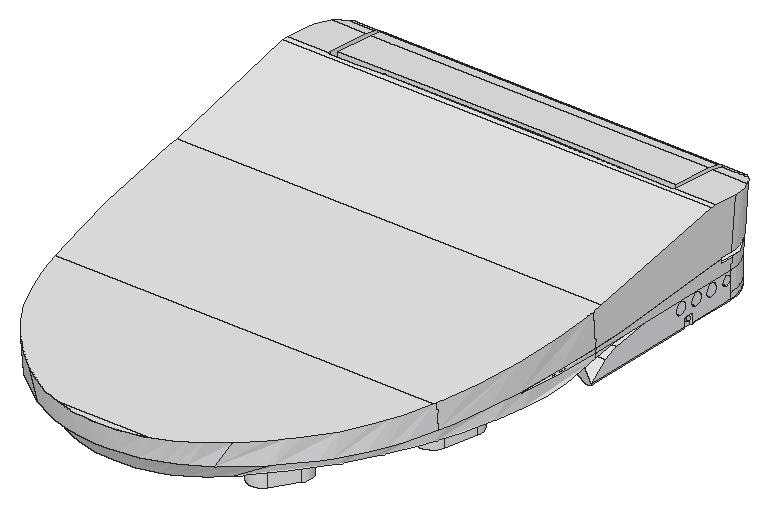
Revit family "Toilet_Seat-Elongated_Closed_Front-Cleansing-KOHLER-C3_1150-K-28362K", category Plumbing Fixtures, host Face, Revit 2021
Family settings
  Host = Face
  Round Connector Dimension = Use Diameter
  Part Type = Normal
  OmniClass Number = 23.31.19.19.17
  OmniClass Title = Water Closet Seats
  Cut with Voids When Loaded = No
  Shared = No
  Room Calculation Point = No
Parameters (values of type "0-White")
  Width = 15 1/16"  # constant formula
  WaterSense Certified = 1 = 0  # no
  Waste Water Outlet = "Waste Water Outlet"  # constant formula
  Waste Connection = 1 = 0  # no
  Voltage = 220 V  # constant formula
  Vent Connection = 1 = 0  # no
  URL = "https://www.kohlerasiapacific.com/"
  Type = 1
  Seat Included = 1 = 1  # yes
  Rough-In = 0"
  Product Page URL = ""
  Product Name = "C3-1150"  # constant formula
  Product Documentation Link = ""
  Pressure = 0.00 psi
  Model = "K-28362K-0"  # constant formula
  Material = "Plastic"  # constant formula
  Master Format 2014 Name = "Residential Water Closets"  # constant formula
  Master Format 2014 = "22 41 13.13"  # constant formula
  Manufacturer Address = "No. 158 Jiang Chang San Road, Zhabei District, Shanghai, China\r\n"  # constant formula
  Manufacturer = "Kohler Co."  # constant formula
  Length = 20 111/256"  # constant formula
  Hot Water Inlet = "Hot Water Inlet"  # constant formula
  Height = 3.56693"  # constant formula
  HW Connection = 1 = 0  # no
  Flush Rate- LPF = "LPF"  # constant formula
  Flush Rate- GPF = "GPF"  # constant formula
  Flow Rate = 0 GPM
  Finish = Kohler-Plastic-0-White
  Environmental Product Declaration = ""
  Electrical Note = "One Dedicated Circuit Required"  # constant formula
  Electrical Connector = 1 = 1  # yes
  Description = "C3-680 Cleansing Seat"  # constant formula
  Default Elevation = 15"
  Declare Label = ""
  Date Modified = "11/27/2022"  # constant formula
  Date Created = "11/27/2022"  # constant formula
  Copyright = "Copyright Kohler Co."  # constant formula
  Contact Us = "https://www.kohlerasiapacific.com/contact-us"
  Cold Water Inlet = "Cold Water Inlet"  # constant formula
  CW Connection = 1 = 1  # yes
  Assembly Code = "D2010100"
  Apparent Load = 780 VA  # constant formula
  ADA Compliant = 1 = 0  # no
Reference planes (in)
  plane 1 "Center (Front/Back)": y = 0
  plane 2: z = 0
  plane 3 "Center (Left/Right)": x = 0
  plane 4: z = 0
  plane 5: z = 3.56693
  plane 6: x = -7.5315
  plane 7: x = 7.5315
  plane 8: y = -3.56693
  plane 9: x = -3.94094
  plane 10: x = 3.94094
  plane 11: y = -6.46885
  plane 12: y = -17.89011
  plane 13: y = -0.80315
  plane 14: z = 0
  plane 15: z = 3.56693
  plane 16: z = 1.81102
  plane 17: z = 1.43701
  plane 18: z = 2.77843
  plane 19: z = 0.87826
  plane 20: z = 0.41589
  plane 21: z = -0.91732
  plane 22: y = -20.43359
  plane 23: z = 0.41589
  plane 24: z = 0.87
  plane 25: x = 7.531
  plane 26: y = -2.45809
  plane 27: y = -3.41243
  plane 28: x = 7.31333
  plane 29: x = -7.31333
  plane 30: z = 1.05051
  plane 31: z = 0.4528
  plane 32: z = 0.4528
  plane 33: z = 0.4528
Forms (in)
  Extrusion 1, void
    sketch origin (0, 0, 0) x (0, 1, 0) y (0, 0, 1)
      loop
        line (-4.64786, -1.0251) -> (-3.53436, 0.0884) -> (-5.5782, 0.0884) -> (-4.64786, -1.0251)
    from -1.06073 to 1.10921
  Extrusion 2, void
    sketch origin (0.26563, 0, 0) x (1, 0, 0) y (0, 1, 0)
      loop
        circle (-1.51517, -5.13822) r 0.17977
    from -0.08081 to 0.12172
Dimensions and locks (in)
  host face to plane 4 = 0"
  "Height": level to plane 5
  plane 9 to plane 10 = 7.88189"
  plane 11 to plane 12 = 11.42126"
  level to plane 16 = 1.81102"
  level to plane 17 = 1.43701"
  "Length": plane 22 to plane 1 "Center (Front/Back)"
  "Width": plane 6 to plane 25
  aligned and locked: plane 2 to host face
  aligned and locked: level to host face
  aligned and locked: plane 3 "Center (Left/Right)" to nested 1
  aligned and locked: plane 1 "Center (Front/Back)" to nested 1
  aligned and locked: nested 1 to plane 14
  aligned and locked: plane 14 to level
Automatic sketch dimensions
  host sketch curve to host sketch curve = 96"  (x2)
  Extrusion 2 sketch curve to plane 3 "Center (Left/Right)" = 1.24954"
  plane 11 to Extrusion 2 sketch curve = 1.33063"
  plane 8 to Extrusion 1 sketch curve = 0.03257"
  level to Extrusion 1 sketch curve = 0.0884"
  plane 21 to Extrusion 1 sketch curve = 0.10778"
  Extrusion 1 sketch curve to plane 8 = 1.08093"
  plane 11 to Extrusion 1 sketch curve = 0.89065"
  radius of Extrusion 2 sketch curve = 0.17977"
Nested families (in)
  nested 1: "K-28362K" at (0, 0, -0.91732), type "K-28362K"
Connectors (in)
  piping at (-7.31333, -2.45809, 1.05051), diameter 0.5, driven by "CW Connection", driven by "Cold Water Inlet"
    settings: on nested 1, index 2, connector inside diameter 24", connector length 0", flow factor 0, pipe flow 0 GPM, pressure drop 0.00 psi, fitting loss kfactor 0, connector angle 0.00°, fixture units 0, engagement length 0", angle of deflection 0.00°, flow configuration 0, flow direction 1, fitting loss method 0, system type 20, joint type 0, gender type 0, connector reference index -1, connector utility 1, adjustable connector no, is connector primary yes, connector description "Cold Water Inlet"
  electrical at (7.31333, -3.41243, 0.4528), driven by "Electrical Connector", driven by "Electrical Note", driven by "Voltage", driven by "Apparent Load", driven by "Apparent Load"
    settings: on nested 1, index 3, voltage 220 V, apparent load 780 VA, apparent load phase1 780 VA, apparent load phase2 0 VA, apparent load phase3 0 VA, power factor 1, load classification "Power", number of poles 1, system type 30, power factor state 1, is connector primary yes, connector utility yes, sub classification motor no, connector description "One Dedicated Circuit Required"
Definition of nested family "K-28362K"
  Parameters (values of type "K-28362K")
    Material = none
    HC = no
    Default Elevation = 0"
  Reference planes (in)
    plane 1 "Center (Front/Back)": y = 0
    plane 2: z = 0
    plane 3 "Center (Left/Right)": x = 0
    plane 4 "A": through (0, -4.15406, 2.4332) normal (0, -0.2824, 0.9593)
    plane 5 "1": through (0, -4.44479, 3.48686) normal (0, -0.2272, 0.9739)
    plane 6: z = 1.12782
    plane 7: z = 3.95289
    plane 8: z = 0
    plane 9: x = -7.5315
    plane 10: x = 7.5315
    plane 11: y = -20.43307
    plane 12: y = -0.80315
    plane 13 "4": through (0, -4.94768, 0.41919) normal (0, -0.7071, -0.7071)
    plane 14 "2": through (0, -4.38689, 0.22976) normal (0, -0.7071, 0.7071)
    plane 15: y = -6.46885
    plane 16: y = -17.89011
    plane 17: x = 3.94094
    plane 18: x = -3.94094
    plane 19: z = 4.48425
    plane 20: z = 0.91732
    plane 21: y = -37.30315
    plane 22: z = 2.72835
    plane 23: z = 2.35433
    plane 24: y = -2.53191
    plane 25: x = 7.50124
    plane 26: x = -7.50327
    plane 27: z = 3.69575
    plane 28: y = 0
    plane 29: y = -3.41243
    plane 30: z = 1.33321
    plane 31: z = 0
    plane 32: z = 1.78733
    plane 33: x = 7.31333
    plane 34: x = -7.31333
    plane 35: y = -2.45809
    plane 36: z = 1.37012
    plane 37: z = 1.96783
  Forms (in)
    Extrusion 1, void
      sketch origin (0, 0, 0) x (1, 0, 0) y (0, 1, 0)
        loop
          line (5.91841, 0.5055) -> (5.91841, -2.22794)
          arc (5.91841, -2.22794) -> (0, -2.17361) -> (-5.91841, -2.2281) r 321.9074
          line (-5.91841, -2.2281) -> (-5.91841, 0.60393) -> (-6.08082, 0.60393) -> (-6.08082, -2.36326)
          arc (-6.08082, -2.36326) -> (-6.03838, -2.46298) -> (-5.93709, -2.50153) r 0.13837
          arc (-5.93709, -2.50153) -> (0.0003, -2.38675) -> (5.93768, -2.50202) r 153.30301
          arc (5.93768, -2.50202) -> (6.03855, -2.46363) -> (6.08082, -2.36433) r 0.1378
          line (6.08082, -2.36433) -> (6.08082, 0.5055) -> (5.91841, 0.5055)
      from 2.68112 to 7.6623
    Extrusion 2, solid, material <- "Material", detail levels medium+fine
      sketch origin (0, 0, 0) x (0, 1, 0) y (0, 0, 1)
        loop
          line (-5.47875, 1.05493) -> (-4.56243, 0.02686) -> (-3.53436, 1.05493) -> (-5.47875, 1.05493)
      from -1.02586 to 1.06291
    Sweep 3, solid, material <- "Material", detail levels medium+fine
      path origin (0, 0, 0) x (1, 0, 0) y (0, 1, 0)
        loop
          line (7.31333, -8.16841) -> (7.31333, -1.5748)
          arc (7.31333, -1.5748) -> (6.85208, -0.46125) -> (5.73853, 0) r 1.5748
          line (5.73853, 0) -> (-5.81333, 0)
          arc (-5.81333, 0) -> (-6.87399, -0.43934) -> (-7.31333, -1.5) r 1.5
          line (-7.31333, -1.5) -> (-7.31333, -7.99606)
      profile origin (-7.31333, -4.74803, 0) x (1, 0, 0) y (0, 0, 1)
        loop
          line (0, 1.38413) -> (0, 1.15841)
          arc (0, 1.15841) -> (0.00565, 1.13731) -> (0.0211, 1.12186) r 0.0422
          line (0.0211, 1.12186) -> (0.33319, 0.94168)
          arc (0.33319, 0.94168) -> (0.37703, 0.92352) -> (0.42408, 0.91732) r 0.18179
          line (0.42408, 0.91732) -> (0.68301, 0.91732) -> (0.68301, 1.38413) -> (0, 1.38413)
    Extrusion 4, solid, material <- "Material", detail levels medium+fine
      sketch origin (0, 0, 0) x (1, 0, 0) y (0, 1, 0)
        loop
          arc (-5.95669, -0.68301) -> (-6.58728, -0.94421) -> (-6.84848, -1.5748) r 0.89179
          line (-6.84848, -1.5748) -> (-6.84848, -7.99606) -> (6.84848, -7.99606) -> (6.84848, -1.5748)
          arc (6.84848, -1.5748) -> (6.58728, -0.94421) -> (5.95669, -0.68301) r 0.89179
          line (5.95669, -0.68301) -> (-5.95669, -0.68301)
      from 0.91732 to 1.38413
    Extrusion 5, void
      sketch origin (0, 0, -0.05469) x (1, 0, 0) y (0, 0, 1)
        loop
          arc (-6.49631, 2.77136) -> (-6.26963, 2.7976) -> (-6.04144, 2.79893) r 2.08579
          line (-6.04144, 2.79893) -> (-6.04144, 3.13675)
          arc (-6.04144, 3.13675) -> (-6.21672, 3.13193) -> (-6.39033, 3.1073) r 1.5473
          arc (-6.39033, 3.1073) -> (-6.69483, 3.02189) -> (-6.98292, 2.89143) r 2.086
          arc (-6.98292, 2.89143) -> (-7.15579, 2.80875) -> (-7.3367, 2.74553) r 1.74393
          arc (-7.3367, 2.74553) -> (-7.44785, 2.71734) -> (-7.56062, 2.69652) r 1.74393
          arc (-7.56062, 2.69652) -> (-7.7236, 2.64352) -> (-7.89164, 2.60989) r 1.46679
          arc (-7.89164, 2.60989) -> (-7.81686, 2.5539) -> (-7.72802, 2.52499) r 0.28594
          arc (-7.72802, 2.52499) -> (-7.50668, 2.51864) -> (-7.29034, 2.56584) r 0.91167
          arc (-7.29034, 2.56584) -> (-6.8976, 2.68514) -> (-6.49631, 2.77136) r 4.93078
        loop
          arc (6.49631, 2.77136) -> (6.8976, 2.68514) -> (7.29034, 2.56584) r 4.93078
          arc (7.29034, 2.56584) -> (7.50668, 2.51864) -> (7.72802, 2.52499) r 0.91167
          arc (7.72802, 2.52499) -> (7.81686, 2.5539) -> (7.89164, 2.60989) r 0.28594
          arc (7.89164, 2.60989) -> (7.7236, 2.64352) -> (7.56062, 2.69652) r 1.46679
          arc (7.56062, 2.69652) -> (7.44785, 2.71734) -> (7.3367, 2.74553) r 1.74393
          arc (7.3367, 2.74553) -> (7.15579, 2.80875) -> (6.98292, 2.89143) r 1.74393
          arc (6.98292, 2.89143) -> (6.69483, 3.02189) -> (6.39033, 3.1073) r 2.086
          arc (6.39033, 3.1073) -> (6.21672, 3.13193) -> (6.04144, 3.13675) r 1.5473
          line (6.04144, 3.13675) -> (6.04144, 2.79893)
          arc (6.04144, 2.79893) -> (6.26963, 2.7976) -> (6.49631, 2.77136) r 2.08579
      from -0.13429 to 2.04421
    Extrusion 6, solid, material <- "Material"
      sketch origin (0.08093, 0, 0) x (1, 0, 0) y (0, 1, 0)
        loop
          arc (6.28907, -11.44968) -> (5.90327, -10.79419) -> (5.22825, -11.14469) r 0.55268
          line (5.22825, -11.14469) -> (4.95538, -12.32661)
          arc (4.95538, -12.32661) -> (5.3684, -12.98759) -> (6.02937, -12.57456) r 0.55112
          line (6.02937, -12.57456) -> (6.28907, -11.44968)
        loop
          line (-6.48592, -11.44968) -> (-6.22622, -12.57456)
          arc (-6.22622, -12.57456) -> (-5.56525, -12.98759) -> (-5.15223, -12.32661) r 0.55112
          line (-5.15223, -12.32661) -> (-5.4251, -11.14469)
          arc (-5.4251, -11.14469) -> (-6.10012, -10.79419) -> (-6.48592, -11.44968) r 0.55268
      from 0.91732 to 1.49291
    Extrusion 7, void
      sketch origin (0, 0, 0) x (0, 1, 0) y (0, 0, 1)
        loop
          arc (-2.44346, 4.58365) -> (-1.61512, 4.52879) -> (-0.7883, 4.45443) r 35.22946
          arc (-0.7883, 4.45443) -> (-0.58901, 4.42749) -> (-0.39192, 4.38749) r 3.05569
          arc (-0.39192, 4.38749) -> (-0.1827, 4.2592) -> (-0.09013, 4.03191) r 0.3937
          line (-0.09013, 4.03191) -> (0.07757, 1.63366) -> (0.51402, 1.63366) -> (0.51402, 5.25794) -> (-21.08788, 5.25794) -> (-21.08788, 2.86459)
          arc (-21.08788, 2.86459) -> (-20.4862, 2.86495) -> (-19.88453, 2.86704) r 210.34624
          arc (-19.88453, 2.86704) -> (-16.80236, 2.90473) -> (-13.72108, 2.98757) r 210.34624
          arc (-13.72108, 2.98757) -> (-10.53082, 3.18691) -> (-7.35688, 3.56574) r 56.6922
          arc (-7.35688, 3.56574) -> (-4.98208, 3.99197) -> (-2.63781, 4.56267) r 39.42662
          arc (-2.63781, 4.56267) -> (-2.54148, 4.58104) -> (-2.44346, 4.58365) r 0.60644
      from -9.62549 to 9.84252
    Extrusion 8, void
      sketch origin (0, 0, 0) x (1, 0, 0) y (0, 0, 1)
        loop
          line (3.62375, 2.99049) -> (3.62375, 1.61254) -> (5.63601, 1.61254) -> (5.63601, 2.99049) -> (3.62375, 2.99049)
        loop
          arc (3.64344, 3.06923) -> (3.57384, 3.0404) -> (3.54501, 2.9708) r 0.09843
          line (3.54501, 2.9708) -> (3.54501, 1.63222)
          arc (3.54501, 1.63222) -> (3.57384, 1.56262) -> (3.64344, 1.5338) r 0.09843
          line (3.64344, 1.5338) -> (5.65324, 1.5338)
          arc (5.65324, 1.5338) -> (5.72284, 1.56262) -> (5.75166, 1.63222) r 0.09843
          line (5.75166, 1.63222) -> (5.75166, 2.9708)
          arc (5.75166, 2.9708) -> (5.72284, 3.0404) -> (5.65324, 3.06923) r 0.09843
          line (5.65324, 3.06923) -> (3.64344, 3.06923)
      from -0.39237 to 0.16455
    Revolve 9, solid, material <- "Material", detail levels medium+fine
      sketch origin (0, 0, 0) x (0, 1, 0) y (0, 0, 1)
        loop
          line (-4.68887, -0.0024) -> (-4.53157, 0.08124) -> (-4.96245, 0.51212) -> (-4.68887, -0.0024)
        axis (-4.96245, 0.51212) -> (-4.53157, 0.08124)
      angle from 0 to 360
    Extrusion 10, void
      sketch origin (0, -2.26425, -2.26425) x (0, -0.707107, 0.707107) y (-1, 0, 0)
        loop
          line (4.40423, 0.84314) -> (4.52101, 0.87443) -> (2.89015, 0.87443) -> (2.89015, -0.87669) -> (4.52101, -0.87669) -> (4.52101, -0.8454) -> (3.087, -0.8454) -> (3.087, 0.84314) -> (4.40423, 0.84314)
      from -0.09025 to 0.67689
    Extrusion 11, void
      sketch origin (0, -2.30833, 2.30833) x (0, 0.707107, 0.707107) y (-1, 0, 0)
        loop
          line (-3.1742, -1.21901) -> (-3.1742, 1.19132) -> (-3.43784, 1.19132) -> (-3.43784, -1.21901) -> (-3.1742, -1.21901)
      from -0.09514 to 0.23435
    Extrusion 12, solid, material <- "Material"
      sketch origin (0, 0, 0) x (1, 0, 0) y (0, 1, 0)
        loop
          line (-4.25501, -16.52036) -> (-3.70463, -17.33634)
          arc (-3.70463, -17.33634) -> (-3.02144, -17.46914) -> (-2.88865, -16.78596) r 0.49213
          line (-2.88865, -16.78596) -> (-3.43903, -15.96997)
          arc (-3.43903, -15.96997) -> (-4.12222, -15.83718) -> (-4.25501, -16.52036) r 0.49213
        loop
          arc (4.25964, -16.52036) -> (4.12684, -15.83718) -> (3.44366, -15.96997) r 0.49213
          line (3.44366, -15.96997) -> (2.89327, -16.78596)
          arc (2.89327, -16.78596) -> (3.02607, -17.46914) -> (3.70925, -17.33634) r 0.49213
          line (3.70925, -17.33634) -> (4.25964, -16.52036)
      from 0.91732 to 1.49291
    Extrusion 13, void
      sketch origin (0, -0.24606, 0) x (1, 0, 0) y (0, 1, 0)
        loop
          arc (-3.01457, -5.68304) -> (-5.74362, -6.60076) -> (-8.24284, -8.03037) r 14.77384
          line (-8.24284, -8.03037) -> (8.17796, -8.03037)
          arc (8.17796, -8.03037) -> (4.92674, -6.1476) -> (1.25856, -5.33535) r 12.28646
          arc (1.25856, -5.33535) -> (-0.89068, -5.35337) -> (-3.01457, -5.68304) r 14.77384
      from -1.71563 to 1.71758
    Extrusion 14, void
      sketch origin (0, 0, 0) x (0, 1, 0) y (0, 0, 1)
        loop
          line (-8.59995, 0.37029) -> (-7.01965, 1.65)
          arc (-7.01965, 1.65) -> (-6.79687, 1.78589) -> (-6.54621, 1.85846) r 0.98425
          arc (-6.54621, 1.85846) -> (-5.49558, 2.03486) -> (-4.45175, 2.24789) r 30.46563
          arc (-4.45175, 2.24789) -> (-5.5682, 2.14306) -> (-6.68491, 2.04112) r 433.66908
          arc (-6.68491, 2.04112) -> (-7.37733, 1.94727) -> (-8.05852, 1.79159) r 7.77016
          arc (-8.05852, 1.79159) -> (-8.74373, 1.64) -> (-9.44096, 1.56027) r 6.75965
          arc (-9.44096, 1.56027) -> (-10.3103, 1.51257) -> (-11.18022, 1.47726) r 61.15216
          arc (-11.18022, 1.47726) -> (-12.35109, 1.44412) -> (-13.52225, 1.42306) r 113.58514
          arc (-13.52225, 1.42306) -> (-14.6389, 1.41231) -> (-15.75559, 1.40873) r 174.11127
          line (-15.75559, 1.40873) -> (-19.66799, 1.40873)
          arc (-19.66799, 1.40873) -> (-20.43129, 1.42997) -> (-21.19222, 1.49363) r 13.72485
          line (-21.19222, 1.49363) -> (-21.19222, 0.1505) -> (-8.59995, 0.37029)
      from -8.53725 to 9.58816
    Extrusion 15, void
      sketch origin (0, 0, 0) x (0, 1, 0) y (0, 0, -1)
        loop
          line (-2.04421, -2.64648) -> (-2.01591, -2.61818)
          arc (-2.01591, -2.61818) -> (-4.18902, -2.35864) -> (-6.3741, -2.23539) r 35.00923
          arc (-6.3741, -2.23539) -> (-8.43404, -2.17117) -> (-10.49304, -2.08188) r 169.35089
          arc (-10.49304, -2.08188) -> (-11.97639, -2.03188) -> (-13.46057, -2.02857) r 47.17689
          arc (-13.46057, -2.02857) -> (-15.19471, -2.0536) -> (-16.9288, -2.08188) r 927.827
          line (-16.9288, -2.08188) -> (-12.99405, -2.08188)
          arc (-12.99405, -2.08188) -> (-11.7449, -2.10586) -> (-10.49607, -2.14301) r 118.48811
          arc (-10.49607, -2.14301) -> (-8.43563, -2.21006) -> (-6.37489, -2.26688) r 415.27458
          arc (-6.37489, -2.26688) -> (-4.20363, -2.38916) -> (-2.04421, -2.64648) r 34.88561
      from -9.69979 to -5.91841
    Extrusion 16, void
      sketch origin (0, 0, 0) x (1, 0, 0) y (0, 1, 0)
        loop
          arc (-3.13197, -7.40143) -> (-3.65095, -7.99233) -> (-3.97572, -8.70859) r 2.67568
          arc (-3.97572, -8.70859) -> (-4.18662, -9.98022) -> (-4.10502, -11.26663) r 5.67325
          arc (-4.10502, -11.26663) -> (-3.70389, -13.11659) -> (-3.16953, -14.93254) r 26.05869
          arc (-3.16953, -14.93254) -> (-2.51301, -16.26917) -> (-1.52589, -17.38415) r 5.5713
          arc (-1.52589, -17.38415) -> (0.01763, -17.95819) -> (1.56115, -17.38415) r 2.3622
          arc (1.56115, -17.38415) -> (2.54828, -16.26917) -> (3.20479, -14.93254) r 5.5713
          arc (3.20479, -14.93254) -> (3.73916, -13.11659) -> (4.14028, -11.26663) r 26.05869
          arc (4.14028, -11.26663) -> (4.22188, -9.98022) -> (4.01099, -8.70859) r 5.67325
          arc (4.01099, -8.70859) -> (3.68622, -7.99233) -> (3.16724, -7.40143) r 2.67568
          arc (3.16724, -7.40143) -> (0.01763, -6.24708) -> (-3.13197, -7.40143) r 4.87396
      from 0.45537 to 2.32037
    Extrusion 17, solid, material <- "Material", detail levels medium+fine
      sketch origin (0, 0, 0) x (1, 0, 0) y (0, 1, 0)
        loop
          line (6.99399, -6.34927) -> (6.99399, -3.33566) -> (-6.90799, -3.33566) -> (-6.90799, -6.34927)
          arc (-6.90799, -6.34927) -> (0.043, -5.24838) -> (6.99399, -6.34927) r 22.49465
      from 1.77908 to 2.08188
    Extrusion 18, void
      sketch origin (0, 0, 0) x (0, 1, 0) y (0, 0, 1)
        loop
          arc (-1.75643, 1.78851) -> (-2.44933, 2.4487) -> (-3.12425, 1.77014) r 0.68413
          line (-3.12425, 1.77014) -> (-3.12425, 1.27281) -> (-3.03539, 1.27281) -> (-3.03539, 1.0267) -> (-2.9505, 1.0267) -> (-2.9435, 1.22721)
          arc (-2.9435, 1.22721) -> (-2.9291, 1.25955) -> (-2.89629, 1.27281) r 0.04724
          line (-2.89629, 1.27281) -> (-1.93905, 1.27281)
          arc (-1.93905, 1.27281) -> (-1.90565, 1.25897) -> (-1.89181, 1.22556) r 0.04724
          line (-1.89181, 1.22556) -> (-1.89181, 1.0267) -> (-1.80976, 1.0267) -> (-1.81979, 1.31399) -> (-1.73986, 1.31399) -> (-1.75643, 1.78851)
      from -7.717 to -7.26433
    Extrusion 19, void
      sketch origin (0, 0, 0) x (0, 1, 0) y (0, 0, 1)
        loop
          arc (-3.21131, 1.41207) -> (-3.23438, 1.46775) -> (-3.29005, 1.49081) r 0.07874
          line (-3.29005, 1.49081) -> (-3.54651, 1.49081)
          arc (-3.54651, 1.49081) -> (-3.60219, 1.46775) -> (-3.62525, 1.41207) r 0.07874
          line (-3.62525, 1.41207) -> (-3.62525, 0.99722) -> (-3.21131, 0.99722) -> (-3.21131, 1.41207)
        loop
          circle (-3.42184, 1.31728) r 0.05906
      from -7.85962 to -7.26433
    Extrusion 20, void
      sketch origin (0, 0, 0) x (1, 0, 0) y (0, 0, 1)
        loop
          line (3.42335, 1.45052) -> (1.41798, 1.45052) -> (1.41798, 0.8935) -> (3.42335, 0.9986) -> (3.42335, 1.45052)
        loop
          line (-3.31542, 1.36631) -> (-3.31542, 0.77576) -> (-1.43891, 0.77576) -> (-1.43891, 1.36631) -> (-3.31542, 1.36631)
      from -0.72251 to 0.16455
    Extrusion 21, void
      sketch origin (0, 0, 0) x (1, 0, 0) y (0, 0, 1)
        loop
          arc (0.18328, 1.66189) -> (0.00181, 1.84336) -> (-0.17967, 1.66189) r 0.18147
          line (-0.17967, 1.66189) -> (-0.17967, 0.77576) -> (0.18328, 0.77576) -> (0.18328, 1.66189)
        loop
          circle (0.00181, 1.66189) r 0.0663
        loop
          arc (-6.01751, 1.58807) -> (-6.19898, 1.76955) -> (-6.38045, 1.58807) r 0.18147
          line (-6.38045, 1.58807) -> (-6.38045, 0.77576) -> (-6.01751, 0.77576) -> (-6.01751, 1.58807)
        loop
          circle (-6.19898, 1.58807) r 0.0663
        loop
          arc (6.38407, 1.58807) -> (6.20259, 1.76955) -> (6.02112, 1.58807) r 0.18147
          line (6.02112, 1.58807) -> (6.02112, 0.75499) -> (6.38407, 0.75499) -> (6.38407, 1.58807)
        loop
          circle (6.20259, 1.58807) r 0.0663
      from -0.41876 to 0.16455
    Extrusion 22, void
      sketch origin (0, 0, 0) x (0, 1, 0) y (0, 0, 1)
        loop
          circle (-3.74729, 1.83353) r 0.20472
        loop
          circle (-3.06994, 1.83353) r 0.20472
        loop
          circle (-2.41479, 1.83353) r 0.20472
        loop
          circle (-1.75244, 1.83353) r 0.15748
        loop
          line (-3.62584, 1.41402) -> (-3.62584, 0.85381) -> (-3.20754, 0.85381) -> (-3.20754, 1.41402)
          arc (-3.20754, 1.41402) -> (-3.2306, 1.4697) -> (-3.28628, 1.49276) r 0.07874
          line (-3.28628, 1.49276) -> (-3.5471, 1.49276)
          arc (-3.5471, 1.49276) -> (-3.60278, 1.4697) -> (-3.62584, 1.41402) r 0.07874
        loop
          circle (-3.74729, 1.83353) r 0.19685
        loop
          circle (-3.06994, 1.83353) r 0.19685
        loop
          circle (-2.41479, 1.83353) r 0.19685
        loop
          circle (-1.75244, 1.83353) r 0.14961
      from 7.15244 to 7.84264
    Extrusion 23, solid, material <- "Material", detail levels medium+fine
      sketch origin (0, 0.07382, 0.17224) x (0, 1, 0) y (0, 0, 1)
        loop
          circle (-2.53191, 1.79559) r 0.19685
      from -7.31333 to -7.24747
    Extrusion 24, solid, material <- "Material"
      sketch origin (0.30664, 0, 0) x (1, 0, 0) y (0, 1, 0)
        loop
          circle (-1.55618, -5.13822) r 0.1702
      from 0.84881 to 0.91732
    Blend 25, solid, material <- "Material", detail levels medium+fine
      base sketch origin (0, 0, 0) x (1, 0, 0) y (0, 1, 0)
        loop
          line (-7.31333, -1.5748) -> (-7.31333, -7.46952)
          arc (-7.31333, -7.46952) -> (-7.06697, -11.05046) -> (-6.33252, -14.56392) r 26.14799
          arc (-6.33252, -14.56392) -> (-5.03506, -17.1877) -> (-2.87868, -19.16702) r 7.97865
          arc (-2.87868, -19.16702) -> (0.16449, -19.97981) -> (3.141, -18.94933) r 5.37906
          arc (3.141, -18.94933) -> (5.40289, -16.56202) -> (6.66704, -13.52602) r 9.08795
          arc (6.66704, -13.52602) -> (7.1513, -10.51497) -> (7.31333, -7.46952) r 28.70152
          line (7.31333, -7.46952) -> (7.31333, -1.5748)
          arc (7.31333, -1.5748) -> (6.85208, -0.46125) -> (5.73853, 0) r 1.5748
          line (5.73853, 0) -> (-5.73853, 0)
          arc (-5.73853, 0) -> (-6.85208, -0.46125) -> (-7.31333, -1.5748) r 1.5748
      top sketch origin (0, 0, 0) x (1, 0, 0) y (0, 1, 0)
        loop
          line (-7.5315, -1.5748) -> (-7.5315, -7.90027)
          arc (-7.5315, -7.90027) -> (-7.22961, -11.47029) -> (-6.33252, -14.93892) r 21.25984
          arc (-6.33252, -14.93892) -> (-5.51719, -16.76571) -> (-4.4134, -18.43412) r 12.16097
          arc (-4.4134, -18.43412) -> (0.21858, -20.58097) -> (4.68432, -18.10685) r 5.63676
          arc (4.68432, -18.10685) -> (5.83833, -16.08061) -> (6.66704, -13.90102) r 15.11957
          arc (6.66704, -13.90102) -> (7.31427, -10.93162) -> (7.5315, -7.90027) r 21.25984
          line (7.5315, -7.90027) -> (7.5315, -1.5748)
          arc (7.5315, -1.5748) -> (7.07025, -0.46125) -> (5.95669, 0) r 1.5748
          line (5.95669, 0) -> (-5.95669, 0)
          arc (-5.95669, 0) -> (-7.07025, -0.46125) -> (-7.5315, -1.5748) r 1.5748
      from 2.08188 to 4.81616
    Blend 26, solid, material <- "Material", detail levels medium+fine
      base sketch origin (0, 0, 0) x (1, 0, 0) y (0, 1, 0)
        loop
          line (5.73853, 0) -> (-5.81333, 0)
          arc (-5.81333, 0) -> (-6.87399, -0.43934) -> (-7.31333, -1.5) r 1.5
          line (-7.31333, -1.5) -> (-7.31333, -7.46952)
          arc (-7.31333, -7.46952) -> (-6.2174, -13.20012) -> (-3.08429, -18.12196) r 15.53062
          arc (-3.08429, -18.12196) -> (0.01642, -19.45688) -> (3.11208, -18.1103) r 4.25
          arc (3.11208, -18.1103) -> (6.22499, -13.18959) -> (7.31333, -7.46952) r 15.57591
          line (7.31333, -7.46952) -> (7.31333, -1.5748)
          arc (7.31333, -1.5748) -> (6.85208, -0.46125) -> (5.73853, 0) r 1.5748
      top sketch origin (0, 0, 0) x (1, 0, 0) y (0, 1, 0)
        loop
          line (5.73853, 0) -> (-5.73853, 0)
          arc (-5.73853, 0) -> (-6.85208, -0.46125) -> (-7.31333, -1.5748) r 1.5748
          line (-7.31333, -1.5748) -> (-7.31333, -7.46952)
          arc (-7.31333, -7.46952) -> (-6.55943, -12.69804) -> (-4.35914, -17.50059) r 18.50754
          arc (-4.35914, -17.50059) -> (0.12419, -19.90461) -> (4.54054, -17.37964) r 5.25
          arc (4.54054, -17.37964) -> (6.60707, -12.61488) -> (7.31333, -7.46952) r 19.09608
          line (7.31333, -7.46952) -> (7.31333, -1.5748)
          arc (7.31333, -1.5748) -> (6.85208, -0.46125) -> (5.73853, 0) r 1.5748
      from 1.38413 to 2.08188
    Extrusion 27, void
      sketch origin (0, 0, 0) x (0, 1, 0) y (0, 0, 1)
        loop
          arc (-2.04421, 2.64648) -> (-4.20363, 2.38916) -> (-6.37489, 2.26688) r 34.88561
          arc (-6.37489, 2.26688) -> (-8.43563, 2.21006) -> (-10.49607, 2.14301) r 415.27458
          arc (-10.49607, 2.14301) -> (-11.7449, 2.10586) -> (-12.99405, 2.08188) r 118.48811
          line (-12.99405, 2.08188) -> (-16.9288, 2.08188)
          arc (-16.9288, 2.08188) -> (-15.19471, 2.0536) -> (-13.46057, 2.02857) r 927.827
          arc (-13.46057, 2.02857) -> (-11.97639, 2.03188) -> (-10.49304, 2.08188) r 47.17689
          arc (-10.49304, 2.08188) -> (-8.43404, 2.17117) -> (-6.3741, 2.23539) r 169.35089
          arc (-6.3741, 2.23539) -> (-4.18902, 2.35864) -> (-2.01591, 2.61818) r 35.00923
          line (-2.01591, 2.61818) -> (-2.04421, 2.64648)
      from -9.69979 to -4.58168
    Extrusion 28, solid, material <- "Material", detail levels medium+fine
      sketch origin (0, 0.01845, 0.03691) x (0, 1, 0) y (0, 0, 1)
        loop
          circle (-3.43088, 1.33321) r 0.06821
      from 7.18379 to 7.31333
    Extrusion 29, solid, material <- "Material", detail levels coarse
      sketch origin (0, 0, 0) x (0, 1, 0) y (0, 0, 1)
        loop
          line (-4.56243, 0.02686) -> (-3.67197, 0.91732) -> (-5.45289, 0.91732) -> (-4.56243, 0.02686)
      from -1.02586 to 1.06291
    Extrusion 30, void
      sketch origin (0, 0, 0) x (1, 0, 0) y (0, 1, 0)
        loop
          arc (-3.01457, -5.92911) -> (-4.79958, -6.46155) -> (-6.5034, -7.21437) r 14.77384
          line (-6.5034, -7.21437) -> (6.63221, -7.21437)
          arc (6.63221, -7.21437) -> (4.03994, -6.08673) -> (1.25856, -5.58141) r 12.28646
          arc (1.25856, -5.58141) -> (-0.89068, -5.59943) -> (-3.01457, -5.92911) r 14.77384
      from 1.21979 to 1.91927
    Extrusion 31, solid, material <- "Material", detail levels coarse
      sketch origin (0, 0, 0) x (1, 0, 0) y (0, 1, 0)
        loop
          arc (-7.31333, -7.39455) -> (0.00661, -5.94977) -> (7.31333, -7.45998) r 18.83875
          line (7.31333, -7.45998) -> (7.31333, -1.63273)
          arc (7.31333, -1.63273) -> (6.85208, -0.51918) -> (5.73853, -0.05793) r 1.5748
          line (5.73853, -0.05793) -> (-5.81333, -0.05793)
          arc (-5.81333, -0.05793) -> (-6.87399, -0.49727) -> (-7.31333, -1.55793) r 1.5
          line (-7.31333, -1.55793) -> (-7.31333, -7.39455)
      from 0.91732 to 1.38413
    Blend 32, solid, material <- "Material", detail levels coarse
      base sketch origin (-0.01073, -0.05793, 0) x (1, 0, 0) y (0, 1, 0)
        loop
          line (5.74926, 0) -> (-5.8026, 0)
          arc (-5.8026, 0) -> (-6.86326, -0.43934) -> (-7.3026, -1.5) r 1.5
          line (-7.3026, -1.5) -> (-7.3026, -7.46952)
          arc (-7.3026, -7.46952) -> (-6.20667, -13.20012) -> (-3.07356, -18.12196) r 15.53062
          arc (-3.07356, -18.12196) -> (0.02715, -19.45688) -> (3.12281, -18.1103) r 4.25
          arc (3.12281, -18.1103) -> (6.23572, -13.18959) -> (7.32406, -7.46952) r 15.57591
          line (7.32406, -7.46952) -> (7.32406, -1.5748)
          arc (7.32406, -1.5748) -> (6.86281, -0.46125) -> (5.74926, 0) r 1.5748
      top sketch origin (-0.01073, -0.05793, 0) x (1, 0, 0) y (0, 1, 0)
        loop
          line (5.73853, 0) -> (-5.73853, 0)
          arc (-5.73853, 0) -> (-6.85208, -0.46125) -> (-7.31333, -1.5748) r 1.5748
          line (-7.31333, -1.5748) -> (-7.31333, -7.46952)
          arc (-7.31333, -7.46952) -> (-6.55943, -12.69804) -> (-4.35914, -17.50059) r 18.50754
          arc (-4.35914, -17.50059) -> (0.12419, -19.90461) -> (4.54054, -17.37964) r 5.25
          arc (4.54054, -17.37964) -> (6.60707, -12.61488) -> (7.31333, -7.46952) r 19.09608
          line (7.31333, -7.46952) -> (7.31333, -1.5748)
          arc (7.31333, -1.5748) -> (6.85208, -0.46125) -> (5.73853, 0) r 1.5748
      from 1.38413 to 2.08188
    Blend 33, solid, material <- "Material", detail levels coarse
      base sketch origin (0.05141, -0.05793, 0) x (1, 0, 0) y (0, 1, 0)
        loop
          arc (-5.80067, 0) -> (-6.91422, -0.46125) -> (-7.37547, -1.5748) r 1.5748
          line (-7.37547, -1.5748) -> (-7.37547, -5.70866)
          arc (-7.37547, -5.70866) -> (-7.23918, -9.40589) -> (-6.83104, -13.08305) r 50.21624
          arc (-6.83104, -13.08305) -> (-5.78044, -16.15585) -> (-3.70442, -18.65305) r 8.96814
          arc (-3.70442, -18.65305) -> (0.15076, -19.97434) -> (3.90469, -18.3881) r 5.70866
          arc (3.90469, -18.3881) -> (5.82943, -15.78959) -> (6.78683, -12.70086) r 9.64237
          arc (6.78683, -12.70086) -> (7.13497, -9.19826) -> (7.25119, -5.68032) r 53.30263
          line (7.25119, -5.68032) -> (7.25119, -1.5748)
          arc (7.25119, -1.5748) -> (6.78994, -0.46125) -> (5.67639, 0) r 1.5748
          line (5.67639, 0) -> (-5.80067, 0)
      top sketch origin (0.05141, -0.05793, 0) x (1, 0, 0) y (0, 1, 0)
        loop
          line (-7.5315, -1.5748) -> (-7.5315, -7.90027)
          arc (-7.5315, -7.90027) -> (-7.22961, -11.47029) -> (-6.33252, -14.93892) r 21.25984
          arc (-6.33252, -14.93892) -> (-5.51719, -16.76571) -> (-4.4134, -18.43412) r 12.16097
          arc (-4.4134, -18.43412) -> (0.21858, -20.58097) -> (4.68432, -18.10685) r 5.63676
          arc (4.68432, -18.10685) -> (5.83833, -16.08061) -> (6.66704, -13.90102) r 15.11957
          arc (6.66704, -13.90102) -> (7.31427, -10.93162) -> (7.5315, -7.90027) r 21.25984
          line (7.5315, -7.90027) -> (7.5315, -1.5748)
          arc (7.5315, -1.5748) -> (7.07025, -0.46125) -> (5.95669, 0) r 1.5748
          line (5.95669, 0) -> (-5.95669, 0)
          arc (-5.95669, 0) -> (-7.07025, -0.46125) -> (-7.5315, -1.5748) r 1.5748
      from 2.08188 to 4.81616
  Cuts and joins
    Extrusion 10, Extrusion 11 cuts Extrusion 2
    Extrusion 27 cuts Extrusion 17
    Extrusion 1, Extrusion 5, Extrusion 7, Extrusion 8, Extrusion 15, Extrusion 18, Extrusion 27 cuts Blend 25
    Extrusion 13, Extrusion 14, Extrusion 18, Extrusion 19, Extrusion 20, Extrusion 21, Extrusion 22 cuts Sweep 3
    Extrusion 13, Extrusion 14 cuts Extrusion 4
    Extrusion 8, Extrusion 13, Extrusion 14, Extrusion 16, Extrusion 18, Extrusion 19, Extrusion 20, Extrusion 21, Extrusion 22, Extrusion 27, Extrusion 30 cuts Blend 26
    joined: Sweep 3, Extrusion 4, Blend 26
    Extrusion 14 cuts Blend 32
    Extrusion 7 cuts Blend 33
    joined: Blend 32, Blend 33
    Extrusion 14 cuts Extrusion 31
  Lines and regions (in)
    Masking region 1
      outline origin (0, 0, 0) x (1, 0, 0) y (0, 1, 0)
        loop
          arc (4.20197, -18.63719) -> (5.06646, -17.57973) -> (5.75771, -16.40171) r 8.8395
          arc (5.75771, -16.40171) -> (7.08333, -12.24253) -> (7.5315, -7.90027) r 21.25984
          line (7.5315, -7.90027) -> (7.5315, -1.5748)
          arc (7.5315, -1.5748) -> (7.07025, -0.46125) -> (5.95669, 0) r 1.5748
          line (5.95669, 0) -> (-5.95669, 0)
          arc (-5.95669, 0) -> (-7.07025, -0.46125) -> (-7.5315, -1.5748) r 1.5748
          line (-7.5315, -1.5748) -> (-7.5315, -7.90027)
          arc (-7.5315, -7.90027) -> (-7.08333, -12.24253) -> (-5.75771, -16.40171) r 21.25984
          arc (-5.75771, -16.40171) -> (-5.06646, -17.57973) -> (-4.20197, -18.63719) r 8.8395
          arc (-4.20197, -18.63719) -> (0, -20.43394) -> (4.20197, -18.63719) r 5.81185
    Masking region 2
      outline origin (0, 0, 0) x (0, 1, 0) y (0, 0, 1)
        loop
          arc (-0.10429, 3.93589) -> (-0.19686, 4.16318) -> (-0.40608, 4.29148) r 0.3937
          arc (-0.40608, 4.29148) -> (-0.60316, 4.33147) -> (-0.80246, 4.35842) r 3.05569
          arc (-0.80246, 4.35842) -> (-1.62928, 4.43278) -> (-2.45762, 4.48763) r 35.22946
          arc (-2.45762, 4.48763) -> (-2.55564, 4.48502) -> (-2.65196, 4.46665) r 0.60644
          arc (-2.65196, 4.46665) -> (-4.99624, 3.89596) -> (-7.37103, 3.46972) r 39.42662
          arc (-7.37103, 3.46972) -> (-13.84496, 2.80696) -> (-20.35225, 2.72834) r 72.38254
          arc (-20.35225, 2.72834) -> (-20.41367, 2.70184) -> (-20.43235, 2.63761) r 0.07849
          line (-20.43235, 2.63761) -> (-20.30474, 1.83192)
          arc (-20.30474, 1.83192) -> (-20.28687, 1.79999) -> (-20.25254, 1.78733) r 0.05286
          line (-20.25254, 1.78733) -> (-20.0352, 1.78733) -> (-20.0352, 1.74316) -> (-19.99295, 1.74316) -> (-19.99295, 1.61726)
          arc (-19.99295, 1.61726) -> (-19.98749, 1.592) -> (-19.97207, 1.57125) r 0.06116
          line (-19.97207, 1.57125) -> (-19.51622, 1.17219) -> (-17.48445, 1.19913)
          arc (-17.48445, 1.19913) -> (-17.43664, 1.18571) -> (-17.40377, 1.14848) r 0.08774
          line (-17.40377, 1.14848) -> (-17.38365, 1.10533) -> (-17.33245, 1.10601) -> (-17.29676, 1.00235)
          arc (-17.29676, 1.00235) -> (-17.25077, 0.94076) -> (-17.17756, 0.91732) r 0.12607
          line (-17.17756, 0.91732) -> (-16.04802, 0.91732)
          arc (-16.04802, 0.91732) -> (-15.95983, 0.95116) -> (-15.90678, 1.02932) r 0.15775
          line (-15.90678, 1.02932) -> (-15.87791, 1.1253) -> (-15.8275, 1.12729) -> (-15.81019, 1.16859)
          arc (-15.81019, 1.16859) -> (-15.77881, 1.20708) -> (-15.73157, 1.22238) r 0.08774
          line (-15.73157, 1.22238) -> (-12.97962, 1.29426)
          arc (-12.97962, 1.29426) -> (-12.9355, 1.2813) -> (-12.90728, 1.245) r 0.0749
          line (-12.90728, 1.245) -> (-12.82464, 1.01795)
          arc (-12.82464, 1.01795) -> (-12.76865, 0.94498) -> (-12.68093, 0.91732) r 0.15293
          line (-12.68093, 0.91732) -> (-11.01067, 0.91732)
          arc (-11.01067, 0.91732) -> (-10.91604, 0.94625) -> (-10.85377, 1.02315) r 0.16922
          line (-10.85377, 1.02315) -> (-10.74329, 1.2966)
          arc (-10.74329, 1.2966) -> (-10.0918, 1.30117) -> (-9.44158, 1.34205) r 11.68666
          arc (-9.44158, 1.34205) -> (-8.72431, 1.43337) -> (-8.01545, 1.576) r 10.05401
          arc (-8.01545, 1.576) -> (-7.92729, 1.59748) -> (-7.83932, 1.61976) r 10.05401
          arc (-7.83932, 1.61976) -> (-7.64784, 1.65983) -> (-7.45347, 1.68201) r 2.11229
          arc (-7.45347, 1.68201) -> (-7.15381, 1.71176) -> (-6.85664, 1.76042) r 4.75377
          line (-6.85664, 1.76042) -> (-6.96153, 1.62123) -> (-7.59346, 1.54363) -> (-7.87049, 1.176) -> (-7.83541, 1.176) -> (-7.83541, 1.13476)
          arc (-7.83541, 1.13476) -> (-7.83149, 1.11509) -> (-7.82035, 1.09841) r 0.0514
          line (-7.82035, 1.09841) -> (-7.63926, 0.91732) -> (-5.4169, 0.91732) -> (-4.84854, 0.34896) -> (-4.68625, 0) -> (-3.68462, 0.91732) -> (-0.4668, 0.91732) -> (0, 1.38413) -> (0, 2.44453) -> (-0.10429, 3.93589)
    Masking region 3
      outline origin (0, 0, 0) x (1, 0, 0) y (0, 0, 1)
        loop
          line (-6.9957, 0.91732) -> (-1.41568, 0.91732) -> (-1.41568, 0.85575)
          arc (-1.41568, 0.85575) -> (-1.40871, 0.83892) -> (-1.39188, 0.83195) r 0.0238
          line (-1.39188, 0.83195) -> (-1.10409, 0.83195)
          arc (-1.10409, 0.83195) -> (-1.08952, 0.83799) -> (-1.08348, 0.85256) r 0.02061
          line (-1.08348, 0.85256) -> (-1.08348, 0.91732) -> (-1.02586, 0.91732) -> (-1.02586, 0.35175)
          arc (-1.02586, 0.35175) -> (-0.83573, 0.13631) -> (-0.56495, 0.04016) r 0.57335
          line (-0.56495, 0.04016) -> (-0.26128, 0.04016)
          arc (-0.26128, 0.04016) -> (-0.00109, -0.0024) -> (0.25911, 0.04016) r 0.8166
          line (0.25911, 0.04016) -> (0.56495, 0.04016)
          arc (0.56495, 0.04016) -> (0.83573, 0.13631) -> (1.02586, 0.35175) r 0.57335
          line (1.02586, 0.35175) -> (1.02586, 0.91732) -> (6.9957, 0.91732) -> (7.31333, 1.23495) -> (7.31333, 2.0486)
          arc (7.31333, 2.0486) -> (7.41404, 2.10114) -> (7.49376, 2.18207) r 0.36543
          arc (7.49376, 2.18207) -> (7.52297, 2.24139) -> (7.53149, 2.30696) r 0.2023
          line (7.53149, 2.30696) -> (7.46966, 4.07756)
          arc (7.46966, 4.07756) -> (7.44478, 4.18554) -> (7.38133, 4.27638) r 0.29096
          arc (7.38133, 4.27638) -> (7.33887, 4.31043) -> (7.29081, 4.33597) r 0.29096
          arc (7.29081, 4.33597) -> (7.10217, 4.39672) -> (6.90607, 4.42533) r 1.19041
          arc (6.90607, 4.42533) -> (6.47571, 4.44423) -> (6.04495, 4.44794) r 12.20459
          arc (6.04495, 4.44794) -> (4.5277, 4.45002) -> (3.01082, 4.48375) r 72.753
          spline (3.01082, 4.48375) -> (2.50903, 4.48326) -> (2.00722, 4.48286) -> (1.50539, 4.48254) -> (1.00354, 4.48232) -> (0.50169, 4.48218) -> (-0.00018, 4.48214) -> (-0.50204, 4.48218) -> (-1.0039, 4.48231) -> (-1.50575, 4.48254) -> (-2.00758, 4.48285) -> (-2.50939, 4.48325) -> (-3.01118, 4.48374)
          arc (-3.01118, 4.48374) -> (-4.52787, 4.45002) -> (-6.04494, 4.44794) r 72.753
          arc (-6.04494, 4.44794) -> (-6.4757, 4.44423) -> (-6.90606, 4.42533) r 12.20459
          arc (-6.90606, 4.42533) -> (-7.10216, 4.39672) -> (-7.2908, 4.33597) r 1.19041
          arc (-7.2908, 4.33597) -> (-7.33886, 4.31043) -> (-7.38132, 4.27638) r 0.29096
          arc (-7.38132, 4.27638) -> (-7.44477, 4.18554) -> (-7.46965, 4.07756) r 0.29096
          line (-7.46965, 4.07756) -> (-7.53149, 2.30672)
          arc (-7.53149, 2.30672) -> (-7.52296, 2.24115) -> (-7.49375, 2.18183) r 0.2023
          arc (-7.49375, 2.18183) -> (-7.41404, 2.1009) -> (-7.31333, 2.04835) r 0.36543
          line (-7.31333, 2.04835) -> (-7.31333, 1.23495) -> (-6.9957, 0.91732)
    symbolic lines, detail levels medium+fine
      curve 1: line (-5.95669, 0, 0) -> (-5.95669, -1.87246, 0)
      curve 2: line (5.95669, 0, 0) -> (5.95669, -1.87246, 0)
      curve 3: line (-6.46807, -2.68932, 0) -> (6.46807, -2.68932, 0)
      curve 4: line (-7.5315, -8.20114, 0) -> (-7.45217, -3.6564, 0)
      curve 5: arc (-7.45217, -3.6564, 0) -> (-7.15794, -2.97156, 0) -> (-6.46807, -2.68932, 0) r 0.98425
      curve 6: line (7.5315, -8.20114, 0) -> (7.45217, -3.6564, 0)
      curve 7: arc (7.45217, -3.6564, 0) -> (7.15794, -2.97156, 0) -> (6.46807, -2.68932, 0) r 0.98425
      curve 8: arc (-5.66399, -2.18663, 0) -> (0, -2.387, 0) -> (5.66399, -2.18663, 0) r 80.15289
      curve 9: arc (-5.95669, -1.87246, 0) -> (-5.87218, -2.08715, 0) -> (-5.66399, -2.18663, 0) r 0.31496
      curve 10: arc (5.66399, -2.18663, 0) -> (5.87218, -2.08715, 0) -> (5.95669, -1.87246, 0) r 0.31496
      curve 11: line (5.99606, 0, 0) -> (5.99606, -1.87246, 0)
      curve 12: arc (5.99606, -1.87246, 0) -> (5.90098, -2.11399, 0) -> (5.66677, -2.2259, 0) r 0.35433
      curve 13: arc (5.66677, -2.2259, 0) -> (0, -2.42637, 0) -> (-5.66677, -2.2259, 0) r 80.19226
      curve 14: arc (-5.66677, -2.2259, 0) -> (-5.90098, -2.11399, 0) -> (-5.99606, -1.87246, 0) r 0.35433
      curve 15: line (-5.99606, -1.87246, 0) -> (-5.99606, 0, 0)
      curve 16: line (6.46807, -2.72869, 0) -> (-6.46807, -2.72869, 0)
      curve 17: arc (-6.46807, -2.72869, 0) -> (-7.13034, -2.99964, 0) -> (-7.4128, -3.65709, 0) r 0.94488
      curve 18: line (-7.45552, -6.10457, 0) -> (-7.50529, -8.95556, 0)
      curve 19: arc (7.4128, -3.65709, 0) -> (7.13034, -2.99964, 0) -> (6.46807, -2.72869, 0) r 0.94488
      curve 20: line (7.50529, -8.95556, 0) -> (7.4128, -3.65709, 0)
      curve 21: arc (-3.94094, 0, 2.9252) -> (0, 0, 2.85279) -> (3.94094, 0, 2.9252) r 107.27856
      curve 22: arc (3.94094, 0, 2.9252) -> (5.05436, 0, 2.94783) -> (6.16792, 0, 2.93388) r 33.90816
      curve 23: arc (6.16792, 0, 2.93388) -> (6.68863, 0, 2.9781) -> (7.18598, 0, 3.13855) r 2.30369
      curve 24: arc (7.18598, 0, 3.13855) -> (7.33808, 0, 3.25411) -> (7.42513, 0, 3.42415) r 0.43004
      curve 25: line (7.38042, 0, 4.27725) -> (7.42513, 0, 3.42415)
      curve 26: arc (-3.4659, 0, 2.03717) -> (0, 0, 2.01878) -> (3.4659, 0, 2.03717) r 326.60904
      curve 27: arc (-7.26172, 0, 1.82249) -> (-7.13461, 0, 1.67014) -> (-6.94459, 0, 1.61305) r 0.34481
      curve 28: arc (-6.94459, 0, 1.61305) -> (-6.15481, 0, 1.62281) -> (-5.36552, 0, 1.65208) r 31.95909
      curve 29: arc (-5.36552, 0, 1.65208) -> (-3.89683, 0, 1.72016) -> (-2.42775, 0, 1.77908) r 236.14957
      curve 30: arc (-2.42775, 0, 1.77908) -> (-1.21389, 0, 1.80192) -> (0, 0, 1.78065) r 33.41674
      curve 31: arc (-7.25229, 0, 1.80225) -> (-6.79033, 0, 1.73119) -> (-6.32305, 0, 1.72095) r 3.57811
      curve 32: arc (-6.32305, 0, 1.72095) -> (-5.80227, 0, 1.74681) -> (-5.28184, 0, 1.77908) r 42.32253
      curve 33: arc (-5.28184, 0, 1.77908) -> (-4.88293, 0, 1.8017) -> (-4.48362, 0, 1.81518) r 17.44216
      curve 34: arc (-4.48362, 0, 1.81518) -> (-4.00829, 0, 1.83152) -> (-3.5335, 0, 1.85937) r 19.65357
      curve 35: arc (-3.5335, 0, 1.85937) -> (-1.7678, 0, 1.94596) -> (0, 0, 1.95595) r 40.78232
      curve 36: line (7.43113, 0, 4.2124) -> (7.47268, 0, 3.41964)
      curve 37: arc (7.47268, 0, 3.41964) -> (7.37666, 0, 3.22661) -> (7.20549, 0, 3.09552) r 0.47728
      curve 38: arc (7.20549, 0, 3.09552) -> (6.69794, 0, 2.93179) -> (6.16655, 0, 2.88666) r 2.35093
      curve 39: arc (6.16655, 0, 2.88666) -> (5.05454, 0, 2.90058) -> (3.94268, 0, 2.87798) r 33.86092
      curve 40: arc (3.94268, 0, 2.87798) -> (0, 0, 2.80554) -> (-3.94268, 0, 2.87798) r 107.3258
      curve 41: arc (-6.94459, 0, 1.56581) -> (-7.1041, 0, 1.59972) -> (-7.23601, 0, 1.6956) r 0.39206
      curve 42: arc (-5.36319, 0, 1.6049) -> (-6.15365, 0, 1.57558) -> (-6.94459, 0, 1.56581) r 32.00633
      curve 43: arc (-2.42601, 0, 1.73187) -> (-3.89479, 0, 1.67296) -> (-5.36319, 0, 1.6049) r 236.10233
      curve 44: arc (0, 0, 1.73337) -> (-1.21302, 0, 1.75468) -> (-2.42601, 0, 1.73187) r 33.3695
      curve 45: arc (6.63851, 0, 2.07307) -> (6.10509, 0, 2.03428) -> (5.57048, 0, 2.01865) r 12.34101
      curve 46: arc (5.57048, 0, 2.01865) -> (4.51812, 0, 2.0193) -> (3.4659, 0, 2.03717) r 64.30402
      curve 47: arc (7.52749, 0, 2.42158) -> (7.1075, 0, 2.18483) -> (6.63851, 0, 2.07307) r 1.73138
      curve 48: arc (7.5295, 0, 2.36403) -> (7.10918, 0, 2.13482) -> (6.64296, 0, 2.02603) r 1.77862
      curve 49: arc (6.64296, 0, 2.02603) -> (6.10749, 0, 1.9871) -> (5.57084, 0, 1.97141) r 12.38826
      curve 50: arc (5.57084, 0, 1.97141) -> (4.51812, 0, 1.97205) -> (3.46556, 0, 1.98992) r 64.35126
      curve 51: arc (3.46556, 0, 1.98992) -> (0, 0, 1.97153) -> (-3.46556, 0, 1.98992) r 326.65628
      curve 52: arc (3.94094, 0, 2.9252) -> (0, 0, 2.85279) -> (-3.94094, 0, 2.9252) r 107.27856
      curve 53: arc (-3.94094, 0, 2.9252) -> (-5.05436, 0, 2.94783) -> (-6.16792, 0, 2.93388) r 33.90816
      curve 54: arc (-6.16792, 0, 2.93388) -> (-6.68863, 0, 2.9781) -> (-7.18598, 0, 3.13855) r 2.30369
      curve 55: arc (-7.18598, 0, 3.13855) -> (-7.33808, 0, 3.25411) -> (-7.42513, 0, 3.42415) r 0.43004
      curve 56: line (-7.38042, 0, 4.27724) -> (-7.42513, 0, 3.42415)
      curve 57: arc (-7.47268, 0, 3.41964) -> (-7.37666, 0, 3.22661) -> (-7.20549, 0, 3.09552) r 0.47728
      curve 58: arc (-7.20549, 0, 3.09552) -> (-6.69794, 0, 2.93179) -> (-6.16655, 0, 2.88666) r 2.35093
      curve 59: arc (-6.16655, 0, 2.88666) -> (-5.05454, 0, 2.90058) -> (-3.94268, 0, 2.87798) r 33.86092
      curve 60: arc (-6.63851, 0, 2.07307) -> (-6.10509, 0, 2.03428) -> (-5.57048, 0, 2.01865) r 12.34101
      curve 61: arc (-5.57048, 0, 2.01865) -> (-4.51812, 0, 2.0193) -> (-3.4659, 0, 2.03717) r 64.30402
      curve 62: arc (-7.52748, 0, 2.42157) -> (-7.10749, 0, 2.18482) -> (-6.63851, 0, 2.07307) r 1.73138
      curve 63: arc (-7.52949, 0, 2.36402) -> (-7.10917, 0, 2.13482) -> (-6.64296, 0, 2.02603) r 1.77862
      curve 64: arc (-6.64296, 0, 2.02603) -> (-6.10749, 0, 1.9871) -> (-5.57084, 0, 1.97141) r 12.38826
      curve 65: arc (-5.57084, 0, 1.97141) -> (-4.51812, 0, 1.97205) -> (-3.46556, 0, 1.98992) r 64.35126
      curve 66: arc (7.26584, 0, 1.80528) -> (6.79725, 0, 1.7318) -> (6.32305, 0, 1.72095) r 3.57811
      curve 67: arc (6.32305, 0, 1.72095) -> (5.80227, 0, 1.74681) -> (5.28184, 0, 1.77908) r 42.32253
      curve 68: arc (5.28184, 0, 1.77908) -> (4.88293, 0, 1.8017) -> (4.48362, 0, 1.81518) r 17.44216
      curve 69: arc (4.48362, 0, 1.81518) -> (4.00829, 0, 1.83152) -> (3.5335, 0, 1.85937) r 19.65357
      curve 70: arc (3.5335, 0, 1.85937) -> (1.7678, 0, 1.94596) -> (0, 0, 1.95595) r 40.78232
      curve 71: arc (6.94459, 0, 1.56581) -> (7.08958, 0, 1.5936) -> (7.21401, 0, 1.67304) r 0.39206
      curve 72: arc (5.36319, 0, 1.6049) -> (6.15365, 0, 1.57558) -> (6.94459, 0, 1.56581) r 32.00633
      curve 73: arc (2.42601, 0, 1.73187) -> (3.89479, 0, 1.67296) -> (5.36319, 0, 1.6049) r 236.10233
      curve 74: arc (0, 0, 1.73337) -> (1.21302, 0, 1.75468) -> (2.42601, 0, 1.73187) r 33.3695
      curve 75: arc (7.18154, 0, 1.70736) -> (7.0721, 0, 1.6375) -> (6.94459, 0, 1.61305) r 0.34481
      curve 76: arc (6.94459, 0, 1.61305) -> (6.15481, 0, 1.62281) -> (5.36552, 0, 1.65208) r 31.95909
      curve 77: arc (5.36552, 0, 1.65208) -> (3.89683, 0, 1.72016) -> (2.42775, 0, 1.77908) r 236.14957
      curve 78: arc (2.42775, 0, 1.77908) -> (1.21389, 0, 1.80192) -> (0, 0, 1.78065) r 33.41674
      curve 79: line (-7.47268, 0, 3.41964) -> (-7.47268, 0, 3.77612)
      curve 80: line (-7.31333, 0, 1.33321) -> (-6.2346, 0, 1.33321)
      curve 81: line (-6.26817, 0, 1.4163) -> (-6.09738, 0, 0.99358)
      curve 82: line (-5.15994, 0, 1.28354) -> (-5.27407, 0, 1.00106)
      curve 83: line (-5.98432, 0, 0.91732) -> (-5.39821, 0, 0.91732)
      curve 84: arc (-5.39821, 0, 0.91732) -> (-5.32334, 0, 0.94021) -> (-5.27407, 0, 1.00106) r 0.13389
      curve 85: arc (-6.09738, 0, 0.99358) -> (-6.05251, 0, 0.93817) -> (-5.98432, 0, 0.91732) r 0.12194
      curve 86: line (-6.96647, 0, 1.56642) -> (-6.28993, 0, 1.42094)
      curve 87: arc (-6.28993, 0, 1.42094) -> (-5.71829, 0, 1.32539) -> (-5.14028, 0, 1.28298) r 6.27609
      curve 88: line (-5.14028, 0, 1.28298) -> (-4.42224, 0, 1.26355)
      curve 89: line (-4.40428, 0, 1.1098) -> (-4.45806, 0, 1.25758)
      curve 90: arc (-4.46097, 0, 1.2646) -> (-4.45944, 0, 1.26112) -> (-4.45806, 0, 1.25758) r 0.08872
      curve 91: line (-4.40428, 0, 1.1098) -> (-4.38078, 0, 1.1098)
      curve 92: arc (-4.38078, 0, 1.1098) -> (-4.34963, 0, 0.9765) -> (-4.2262, 0, 0.91732) r 0.15831
      curve 93: line (-3.36073, 0, 1.1098) -> (-3.30434, 0, 1.26473)
      curve 94: line (-3.36073, 0, 1.1098) -> (-3.38423, 0, 1.1098)
      curve 95: arc (-3.38423, 0, 1.1098) -> (-3.41538, 0, 0.9765) -> (-3.53881, 0, 0.91732) r 0.15831
      curve 96: line (-4.2262, 0, 0.91732) -> (-3.53881, 0, 0.91732)
      curve 97: arc (-4.42215, 0, 1.26671) -> (-3.82406, 0, 1.25862) -> (-3.22597, 0, 1.26671) r 22.11212
      curve 98: line (6.26817, 0, 1.4163) -> (6.09738, 0, 0.99358)
      curve 99: line (5.15994, 0, 1.28354) -> (5.27407, 0, 1.00106)
      curve 100: line (5.98432, 0, 0.91732) -> (5.39821, 0, 0.91732)
      curve 101: arc (5.39821, 0, 0.91732) -> (5.32334, 0, 0.94021) -> (5.27407, 0, 1.00106) r 0.13389
      curve 102: arc (6.09738, 0, 0.99358) -> (6.05251, 0, 0.93817) -> (5.98432, 0, 0.91732) r 0.12194
      curve 103: line (6.96647, 0, 1.56642) -> (6.28993, 0, 1.42094)
      curve 104: arc (6.28993, 0, 1.42094) -> (5.71829, 0, 1.32539) -> (5.14028, 0, 1.28298) r 6.27609
      curve 105: line (5.14028, 0, 1.28298) -> (4.42224, 0, 1.26355)
      curve 106: line (4.41083, 0, 1.12782) -> (4.45806, 0, 1.25758)
      curve 107: arc (4.46097, 0, 1.2646) -> (4.45944, 0, 1.26112) -> (4.45806, 0, 1.25758) r 0.08872
      curve 108: line (4.41083, 0, 1.12782) -> (4.37566, 0, 1.12782)
      curve 109: arc (4.37566, 0, 1.12782) -> (4.35528, 0, 0.98398) -> (4.2262, 0, 0.91732) r 0.15831
      curve 110: line (3.35418, 0, 1.12782) -> (3.30695, 0, 1.25758)
      curve 111: arc (3.30398, 0, 1.26474) -> (3.30554, 0, 1.26119) -> (3.30695, 0, 1.25758) r 0.08872
      curve 112: line (3.35418, 0, 1.12782) -> (3.38935, 0, 1.12782)
      curve 113: arc (3.38935, 0, 1.12782) -> (3.40973, 0, 0.98398) -> (3.53881, 0, 0.91732) r 0.15831
      curve 114: line (4.2262, 0, 0.91732) -> (3.53881, 0, 0.91732)
      curve 115: arc (4.42215, 0, 1.26671) -> (3.82406, 0, 1.25862) -> (3.22597, 0, 1.26671) r 22.11212
      curve 116: arc (-3.22597, 0, 1.26671) -> (0, 0, 1.31035) -> (3.22597, 0, 1.26671) r 119.26824
      curve 117: line (-1.02586, 0, 1.02814) -> (1.02586, 0, 1.02814)
      curve 118: line (-1.41568, 0, 0.91732) -> (-1.08348, 0, 0.91732)
      curve 119: line (-0.82901, 0, 1.02814) -> (-0.82901, 0, 1.27829)
      curve 120: line (-0.86683, 0, 1.27829) -> (0, 0, 1.27829)
      curve 121: line (-0.86683, 0, 1.02814) -> (-0.86683, 0, 1.27829)
      curve 122: line (-0.87443, 0, 1.02814) -> (-0.87443, 0, 0.16496)
      curve 123: line (-0.84314, 0, 0.1414) -> (-0.84314, 0, 1.02814)
      curve 124: line (0.8454, 0, 1.02814) -> (0.8454, 0, 0.14299)
      curve 125: line (0.87669, 0, 0.16679) -> (0.87669, 0, 1.02814)
      curve 126: line (-1.00023, 0, 1.02814) -> (-1.00023, 0, 0.41547)
      curve 127: arc (-1.00023, 0, 0.41547) -> (-0.96674, 0, 0.28388) -> (-0.87443, 0, 0.1843) r 0.2753
      curve 128: arc (-0.84314, 0, 0.16104) -> (-0.70217, 0, 0.08642) -> (-0.54952, 0, 0.04016) r 0.82943
      curve 129: line (-0.22273, 0, 0.13616) -> (-0.56711, 0, 0.04388)
      curve 130: line (0.82901, 0, 1.02814) -> (0.82901, 0, 1.27829)
      curve 131: line (0.86683, 0, 1.27829) -> (0, 0, 1.27829)
      curve 132: line (0.86683, 0, 1.02814) -> (0.86683, 0, 1.27829)
      curve 133: line (1.00023, 0, 1.02814) -> (1.00023, 0, 0.41547)
      curve 134: arc (1.00023, 0, 0.41547) -> (0.96738, 0, 0.28506) -> (0.87669, 0, 0.18577) r 0.2753
      curve 135: arc (0.8454, 0, 0.16253) -> (0.70342, 0, 0.08693) -> (0.54952, 0, 0.04016) r 0.82943
      curve 136: line (0.22273, 0, 0.13616) -> (0.56711, 0, 0.04388)
      curve 137: line (-1.00023, 0, 1.02814) -> (-1.00023, 0, 0.41547)
      curve 138: arc (-1.00023, 0, 0.41547) -> (-0.96674, 0, 0.28388) -> (-0.87443, 0, 0.1843) r 0.2753
      curve 139: arc (-0.26128, 0, 0.04016) -> (-0.20415, 0, 0.1676) -> (-0.11152, 0, 0.27212) r 0.46164
      curve 140: arc (0.26128, 0, 0.04016) -> (0.20415, 0, 0.1676) -> (0.11152, 0, 0.27212) r 0.46164
      curve 141: arc (-0.11152, 0, 0.27212) -> (0, 0, 0.31244) -> (0.11152, 0, 0.27212) r 0.1744
      curve 142: line (3.38935, 0, 1.12782) -> (4.37566, 0, 1.12782)
      curve 143: line (-4.38078, 0, 1.1098) -> (-3.38423, 0, 1.1098)
      curve 144: line (0, -3.68462, 0.91732) -> (0, -5.4169, 0.91732)
      curve 145: line (0, -4.84854, 0.34896) -> (0, -4.58998, 0.0904)
      curve 146: line (0, -4.565, 0.11105) -> (0, -4.86076, 0.40681)
      curve 147: line (0, -4.88357, 0.38399) -> (0, -4.86076, 0.40681)
      curve 148: line (0, -7.83541, 1.176) -> (0, -3.62525, 1.176)
      curve 149: line (0, 0, 1.38413) -> (0, -1.74575, 1.38413)
      curve 150: line (0, -1.73983, 1.21466) -> (0, -1.76225, 1.85681)
      curve 151: line (0, -3.12425, 1.77014) -> (0, -3.12425, 1.21466)
      curve 152: line (0, -1.92726, 1.17441) -> (0, -2.46022, 1.17441)
      curve 153: line (0, -2.94106, 1.13005) -> (0, -2.95221, 0.91732)
      curve 154: line (0, -1.89644, 1.14464) -> (0, -1.8885, 0.91732)
      curve 155: arc (0, -1.92726, 1.17441) -> (0, -1.90584, 1.16575) -> (0, -1.89644, 1.14464) r 0.03084
      curve 156: arc (0, -2.89432, 1.17441) -> (0, -2.92654, 1.16155) -> (0, -2.94106, 1.13005) r 0.0468
      curve 157: line (0, -3.02462, 1.21466) -> (0, -3.02462, 0.91732)
      curve 158: line (0, -3.02462, 1.21466) -> (0, -3.12425, 1.21466)
      curve 159: line (0, -1.81213, 0.91732) -> (0, -1.81213, 1.21466)
